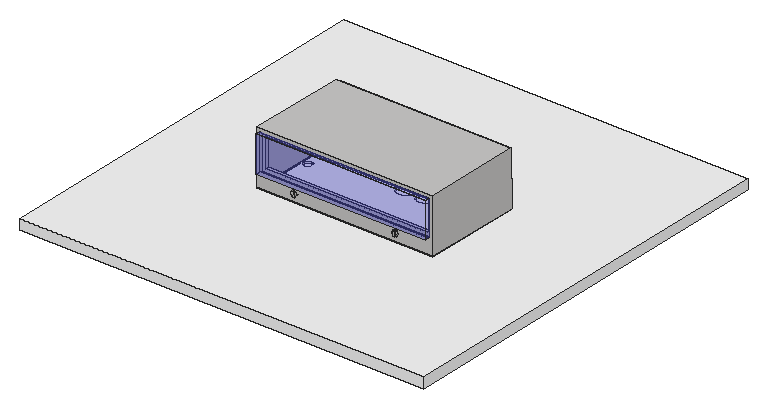
Revit family "BE_23015.2_de_DE", category Leuchten, Revit 2015
Parameters (values of type "BEGA_23015.2_K4")
  built-in parameter 1150104 = 8.5387 (stored number, unit not read)
  Wattage = 13.6 W
  Default Elevation = 0 mm
  built-in parameter 1150113 = 1 (stored number, unit not read)
  built-in parameter 1114218 = 1 (stored number, unit not read)
  Umgebungstemperatur = "25 °C"
  URL = "http://www.bega.de/produkt/23015.2"
  Typenkommentare = "© 2017 BEGA. Wir behalten uns das Recht vor, technische Änderungen ohne vorherige Ankündigung vorzunehmen."  # constant formula
  built-in parameter 1150134 = 12
  built-in parameter 1150109 = 1 (stored number, unit not read)
  Strom = ""
  built-in parameter 1150110 = 1 (stored number, unit not read)
  Spannung = 239.996 V
  Sonderanfertigung = no
  Seriennummer [instance] = "Hier können Sie die eindeutige Seriennummer für das Facility Management eintragen."
  Schutzklasse = "I"
  Schutzart = "IP 20"
  Scheinlast = 0 VA
  Produktdatenblatt = "http://www.bega.de/download/Xrfa/db/23015.2.db.de.pdf"
  Oberflächentemperatur = ""
  Neigungswinkel = 0.00°
  Modell = "23015.2K4"
  Material_17 = BEGA_Reflektor
  Material_15 = BEGA_Leuchtmedium_matt
  Material_11 = BEGA_Glas_opal
  Material_09 = BEGA_Glas_klar
  Material_08 = BEGA_Oberfläche_Stahl_verzinkt
  Material_06 = BEGA_Oberfläche_Edelstahl_gebürstet
  Material_05 = BEGA_Oberfläche_Aluminium Guss
  Material_03 = BEGA_Oberfläche_Weiss_matt
  Material_02 = BEGA_Oberfläche_Silber_matt
  Material_01 [instance] = BEGA_Oberfläche_Grafit_matt
  M_W = no
  M_G = no
  M_A = no
  Logo = 0
  built-in parameter 1114217 = 1 (stored number, unit not read)
  built-in parameter 1150139 = (empty or 0)
  built-in parameter 1150105 = 99.47 (stored number, unit not read)
  built-in parameter 1150114 = 1 (stored number, unit not read)
  Lumens = 1249.98 lm
  built-in parameter 1150115 = 1 (stored number, unit not read)
  Leuchtenlichtstrom = "554 lm"
  Leuchtenanzahl = ""
  Lebensdauerkriterien = "L70B50 @ 25 °C = 60000 h"
  Lastklassifizierung = Beleuchtung
  built-in parameter 1150112 = 1 (stored number, unit not read)
  Lampenlichtstrom = "1250 lm"
  Lampe = "LED 13.6 W"
  LED_Modulbezeichnung = "2x LED-0252/840"
  Hersteller = "BEGA"  # constant formula
  Halbstreuwinkel = ""
  Gewicht = "1.3 kg"
  Gebrauchslageneinschränkung [instance] = ""
  Frequenz = "0/50-60 Hz"
  Farbwiedergabeindex = "Ra > 80"
  Farbtemperaturverschiebung bei Dämpfen der Lampe = <Keine Auswahl>
  Farbtemperatur = "4000 K"
  Color Filter = 16777215
  built-in parameter 1150133 = 10 (stored number, unit not read)
  Energieeffizienzklasse = "LED A++ - A"
  built-in parameter 1150137 = (empty or 0)
  built-in parameter 1150132 = (empty or 0)
  ENEC = ""
  Dimmbar [instance] = ""
  Datei für fotometrisches Netz = "BE_23015K4.IES"
  CE_Konformität = "ja"
  Bestellnummer = "23015.2K4"
  Beschreibung_Sonderanfertigung = "Hier können Sie Informationen zur Sonderanfertigung eintragen."
  Beschreibung = "Wandleuchte"
  built-in parameter 1150106 = 0.9947 (stored number, unit not read)
  Befestigungsbohrung = ""
  Befestigungsabstand = "150 mm"
  Ballwurfsicher = ""
  BEGA_Intern_aus = yes
  BEGA_Intern_an = yes
  BEGA_Intern_Konstruktion = yes
  BEGA_Intern = yes
  BEGA_IES = yes
  BEGA_Dummy = no
  Anschlussleitung = ""
  Anschlussleistung [instance] = "17 W"
  Anschlusskasten = ""
  built-in parameter 1150107 = 4000 (stored number, unit not read)
  built-in parameter 1150102 = (empty or 0)
  built-in parameter 1150138 = (empty or 0)
  Aktualisierung = "2017-06-22T04:08:41"
  Abstand_zur_angestrahlten_Fläche [instance] = ""
  AC/DC = "AC/DC"
Types (2, lengths in mm): name | built-in parameter 1150104 | built-in parameter 1150134 | Modell | built-in parameter 1150105 | Lumens | Leuchtenlichtstrom | Lampenlichtstrom | LED_Modulbezeichnung | Farbtemperatur | Datei für fotometrisches Netz | Bestellnummer | built-in parameter 1150106 | built-in parameter 1150107
  BEGA_23015.2_K4 | 8.5387 (stored number, unit not read) | 12 | "23015.2K4" | 99.47 (stored number, unit not read) | 1249.98 lm | "554 lm" | "1250 lm" | "2x LED-0252/840" | "4000 K" | "BE_23015K4.IES" | "23015.2K4" | 0.9947 (stored number, unit not read) | 4000 (stored number, unit not read)
  BEGA_23015.2_K3 | 7.3765 (stored number, unit not read) | (empty or 0) | "23015.2" | 85.931 (stored number, unit not read) | 1079.84 lm | "479 lm" | "1080 lm" | "2x LED-0252/830" | "3000 K" | "BE_23015.IES" | "23015.2" | 0.85931 (stored number, unit not read) | 3000 (stored number, unit not read)
Reference planes
  plane 1 "Mitte (Vorne/Hinten)": y = 0
  plane 2: z = 0
  plane 3 "Mitte (Links/Rechts)": x = 0
  plane 4 "Links": x = -87.491
  plane 5 "Rechts": x = 87.491
  plane 6 "Unten": y = -53.25
  plane 7 "Oben": y = 53.25
  plane 8 "Vorne": z = 54
  plane 9 "Hinten": z = 0
Forms (mm)
  Extrusion 1, solid, material "BEGA_Platte_Weiss"
    sketch origin (0, -1119.2, 0) x (1, 0, 0) y (0, 1, 0)
      loop
        line (-200, 1319.2) -> (-200, 919.2) -> (200, 919.2) -> (200, 1319.2) -> (-200, 1319.2)
    from 0 to -10
  Extrusion 2, solid, material "BEGA_Dummy_matt", visible <- "BEGA_Dummy"
    sketch origin (80.095, -76.023, 0) x (1, 0, 0) y (0, 1, 0)
      loop
        line (-167.587, 129.273) -> (-167.587, 22.773) -> (7.396, 22.773) -> (7.396, 129.273) -> (-167.587, 129.273)
    from 0 to 54
Dimensions and locks
  plane 1 "Mitte (Vorne/Hinten)" to Extrusion 1 = 200 mm
  aligned and locked: plane 2 to Extrusion 1
  aligned and locked: level to Extrusion 1
Nested families
  nested 1: "BE_23015.2" at (0, 0, 0), type "BE_23015.2"
Connectors
  electrical at (0, 0, 0), driven by "Lastklassifizierung", driven by "Spannung", driven by "Scheinlast"
    settings: index 1, voltage 239.996 V, apparent load 0 VA, apparent load phase1 0 VA, apparent load phase2 0 VA, apparent load phase3 0 VA, power factor 1, load classification "Beleuchtung", number of poles 1, system type 31, power factor state 1, is connector primary yes, connector utility no, sub classification motor no, connector description ""
Definition of nested family "BE_23015.2"
  Parameters (values of type "BE_23015.2")
    Default Elevation = 1 mm
    URL = "http://www.bega.de/de/produkt"
    Type Comments = "© 2015 BEGA. Wir behalten uns das Recht vor, technische Änderungen ohne vorherige Ankündigung vorzunehmen. "  # constant formula
    Type Image = (empty or 0)
    Neigungswinkel_um_Z2 = 0.00°
    Neigungswinkel_um_Z1 = 0.00°
    Neigungswinkel_um_Y2 = 0.00°
    Neigungswinkel_um_Y1 = 0.00°
    Neigungswinkel_um_X2 = 0.00°
    Neigungswinkel_um_X1 = 0.00°
    Material_17 = none
    Material_15 = none
    Material_11 = none
    Material_09 = none
    Material_08 = none
    Material_06 = none
    Material_05 = none
    Material_03 = none
    Material_02 = none
    Material_01 = none
    M_W = yes
    M_G = yes
    M_A = yes
    Länge_Platte = 300 mm  # constant formula
    Höhe_Platte = -10 mm  # constant formula
    Manufacturer = "BEGA"  # constant formula
    Drehwinkel_um_Z2 = 0.00°
    Drehwinkel_um_Z1 = 0.00°
    Breite_Platte = 200 mm  # constant formula
  Reference planes
    plane 1 "Mitte (Oben/Unten)": y = 0
    plane 2: z = 0
    plane 3 "Mitte (Links/Rechts)": x = 0
    plane 4: z = 54
    plane 5: y = 53.25
    plane 6: y = -53.25
    plane 7: x = -87.491
    plane 8: x = 87.491
  Forms (mm)
    Extrusion 1, solid, detail levels medium
      sketch origin (0, 0, 0) x (1, 0, 0) y (0, 1, 0)
        loop
          line (-150, 100) -> (-150, -100) -> (150, -100) -> (150, 100) -> (-150, 100)
      from 0 to -10 <- "Höhe_Platte"
    Extrusion 2, solid, material <- "Material_06", detail levels medium+fine
      sketch origin (0, 0, 0) x (0, 1, 0) y (0, 0, 1)
        loop
          line (48.25, 1) -> (48.25, 54) -> (-48.25, 54) -> (-48.25, 1) -> (-45.835, 1) -> (-45.835, 52) -> (45.835, 52) -> (45.835, 1) -> (48.25, 1)
      from -88.265 to 88.776
    Extrusion 3, solid, material <- "Material_06", detail levels medium+fine
      sketch origin (0, 0, 0) x (1, 0, 0) y (0, 0, 1)
        loop
          line (-88.265, 54) -> (-88.265, 1) -> (-84.981, 1) -> (-84.981, 54) -> (-88.265, 54)
        loop
          line (88.776, 54) -> (85.662, 54) -> (85.662, 1) -> (88.776, 1) -> (88.776, 54)
      from -48.25 to 48.25
    Extrusion 4, void
      sketch origin (0, 0, 0) x (1, 0, 0) y (0, 0, 1)
        loop
          line (-87.499, 0.549) -> (-86.557, 54.543) -> (-89.287, 54.543) -> (-89.287, 0.549) -> (-87.499, 0.549)
        loop
          line (87.516, 0.549) -> (90.348, 0.549) -> (90.348, 54.543) -> (86.574, 54.543) -> (87.516, 0.549)
      from -49.824 to 51.45
    Sweep 5, solid, material <- "Material_03", detail levels medium+fine
      path origin (0, 0, 0) x (1, 0, 0) y (0, 1, 0)
        loop
          line (87.509, 48.25) -> (-87.5, 48.25) -> (-87.5, -48.25) -> (87.509, -48.25) -> (87.509, 48.25)
      profile origin (0.004, 48.25, 0) x (0, -1, 0) y (0, 0, 1)
        loop
          line (0.5, 0) -> (4.017, 0)
          arc (4.017, 0) -> (5.077, 0.439) -> (5.517, 1.5) r 1.5
          line (5.517, 1.5) -> (5.517, 2.5)
          arc (5.517, 2.5) -> (5.663, 2.854) -> (6.017, 3) r 0.5
          line (6.017, 3) -> (42.243, 3) -> (42.243, 4) -> (6.017, 4)
          arc (6.017, 4) -> (4.956, 3.561) -> (4.517, 2.5) r 1.5
          line (4.517, 2.5) -> (4.517, 1.5)
          arc (4.517, 1.5) -> (4.37, 1.146) -> (4.017, 1) r 0.5
          line (4.017, 1) -> (0.5, 1) -> (0.5, 0)
    Extrusion 6, solid, material <- "Material_03", detail levels medium+fine
      sketch origin (0, 0, 0) x (0, 1, 0) y (0, 0, 1)
        loop
          line (6.007, 4) -> (-6.007, 4) -> (-6.007, 3) -> (6.007, 3) -> (6.007, 4)
      from -45.466 to 45.466
    Extrusion 7, void
      sketch origin (0, 0, 0) x (1, 0, 0) y (0, 1, 0)
        loop
          circle (30, 15) r 8.5
        loop
          circle (-75, 0) r 4.25
        loop
          circle (10, 15) r 8.5
        loop
          circle (75, 0) r 4.25
      from 0 to 8
    Extrusion 8, solid, material <- "Material_06", detail levels medium+fine
      sketch origin (0, 0, 0) x (0, 1, 0) y (0, 0, 1)
        loop
          line (45.835, 52) -> (42.76, 52) -> (42.76, 13.991) -> (45.835, 13.991) -> (45.835, 52)
        loop
          line (-45.835, 52) -> (-45.835, 13.991) -> (-42.76, 13.991) -> (-42.76, 52) -> (-45.835, 52)
      from -84.378 to 84.841
    Extrusion 9, void
      sketch origin (0, 0, 0) x (0, 1, 0) y (0, 0, 1)
        loop
          line (49.5, 48.03) -> (-49.715, 48.03) -> (-49.715, 18.623) -> (49.5, 18.623) -> (49.5, 48.03)
      from -80.277 to 80.984
    Extrusion 10, void
      sketch origin (0, 0, 0) x (0, 1, 0) y (0, 0, 1)
        loop
          line (45.835, 51.347) -> (45.835, 15.347) -> (49.744, 15.347) -> (49.744, 51.347) -> (45.835, 51.347)
        loop
          line (-45.835, 51.347) -> (-49.744, 51.347) -> (-49.744, 15.347) -> (-45.835, 15.347) -> (-45.835, 51.347)
      from -83.844 to 84.146
    Extrusion 11, solid, material <- "Material_11", detail levels medium+fine
      sketch origin (0, 0, 0) x (0, -1, 0) y (0, 0, -1)
        loop
          line (53.25, -15.347) -> (45.25, -15.347) -> (45.25, -51.347) -> (53.25, -51.347) -> (53.25, -15.347)
      from -83.844 to 84.146
    Revolve 12, void
      sketch origin (-49.991, 0, 0) x (0, 1, 0) y (0, 0, 1)
        loop
          line (-46.138, 10.5) -> (-47.677, 10.5) -> (-48.584, 11.407) -> (-48.584, 8) -> (-46.138, 8) -> (-46.138, 10.5)
        axis (-46.138, 8) -> (-48.584, 8)
      angle from 0 to 360
    Revolve 13, solid, material <- "Material_06", detail levels fine
      sketch origin (-49.991, 0, 0) x (0, 1, 0) y (0, 0, 1)
        loop
          line (-49.45, 10) -> (-49.45, 8) -> (-46.138, 8) -> (-46.138, 10.5) -> (-47.633, 10.5) -> (-48.25, 10) -> (-49.45, 10)
        axis (-46.138, 8) -> (-49.45, 8)
      angle from 0 to 360
    Extrusion 14, solid, material <- "Material_11", detail levels medium+fine
      sketch origin (0, 0, 0) x (0, 1, 0) y (0, 0, 1)
        loop
          line (53.25, 15.347) -> (53.25, 51.347) -> (45.25, 51.347) -> (45.25, 15.347) -> (53.25, 15.347)
      from -83.844 to 84.146
    Revolve 15, void
      sketch origin (49.991, 0, 0) x (0, 1, 0) y (0, 0, -1)
        loop
          line (-46.138, -10.5) -> (-46.138, -8) -> (-48.584, -8) -> (-48.584, -11.407) -> (-47.677, -10.5) -> (-46.138, -10.5)
        axis (-46.138, -8) -> (-48.584, -8)
      angle from 0 to 360
    Revolve 16, solid, material <- "Material_06", detail levels fine
      sketch origin (49.991, 0, 0) x (0, 1, 0) y (0, 0, -1)
        loop
          line (-49.45, -10) -> (-48.25, -10) -> (-47.633, -10.5) -> (-46.138, -10.5) -> (-46.138, -8) -> (-49.45, -8) -> (-49.45, -10)
        axis (-46.138, -8) -> (-49.45, -8)
      angle from 0 to 360
  Cuts and joins
    Extrusion 4, Extrusion 9, Extrusion 10, Revolve 12, Revolve 15 cuts Extrusion 2
    Extrusion 4, Extrusion 9, Extrusion 10, Revolve 12, Revolve 15 cuts Extrusion 3
    Extrusion 9, Extrusion 10, Revolve 12, Revolve 15 cuts Extrusion 8
    joined: Extrusion 2, Extrusion 3, Extrusion 8
    Extrusion 7 cuts Sweep 5
    Extrusion 7 cuts Extrusion 6
    joined: Sweep 5, Extrusion 6
  Dimensions and locks
    equal spacing: Extrusion 1 sketch curve, plane 3 "Mitte (Links/Rechts)", Extrusion 1 sketch curve
    equal spacing: Extrusion 1 sketch curve, plane 1 "Mitte (Oben/Unten)", Extrusion 1 sketch curve
    "Länge_Platte": Extrusion 1 sketch curve to Extrusion 1 sketch curve
    "Breite_Platte": Extrusion 1 sketch curve to Extrusion 1 sketch curve
    aligned and locked: Extrusion 1 to plane 2
    aligned and locked: level to Extrusion 1
  Automatic sketch dimensions
    plane 4 to Extrusion 2 sketch curve = 0 mm
    level to Extrusion 2 sketch curve = 1 mm  (x2)
    plane 6 to Extrusion 2 sketch curve = 5 mm
    Extrusion 2 sketch curve to Extrusion 2 sketch curve = 2.415 mm  (x2)
    plane 5 to Extrusion 2 sketch curve = 7.415 mm
    plane 4 to Extrusion 2 sketch curve = 2 mm
    Extrusion 3 sketch curve to plane 4 = 0 mm  (x2)
    level to Extrusion 3 sketch curve = 1 mm  (x2)
    Extrusion 3 sketch curve to Extrusion 3 sketch curve = 3.284 mm
    Extrusion 3 sketch curve to Extrusion 3 sketch curve = 3.114 mm
    Extrusion 4 sketch curve to plane 4 = 0.543 mm  (x2)
    level to Extrusion 4 sketch curve = 0.549 mm  (x2)
    Extrusion 4 sketch curve to Extrusion 4 sketch curve = 1.788 mm
    Extrusion 4 sketch curve to Extrusion 4 sketch curve = 2.73 mm
    Extrusion 4 sketch curve to Extrusion 4 sketch curve = 2.831 mm
    plane 5 to Sweep 5 sketch curve = 5 mm
    plane 6 to Sweep 5 sketch curve = 5 mm
    Sweep 5 sketch curve to Sweep 5 sketch curve = 0 mm  (x4)
    Sweep 5 sketch curve to level = 0 mm
    Sweep 5 sketch curve to profile plane = 0.5 mm
    level to Sweep 5 sketch curve = 1 mm
    Sweep 5 sketch curve to Sweep 5 sketch curve = 3.517 mm
    Sweep 5 sketch curve to Sweep 5 sketch curve = 0.5 mm  (x2)
    level to Sweep 5 sketch curve = 4 mm
    Sweep 5 sketch curve to Sweep 5 sketch curve = 36.226 mm
    plane 1 "Mitte (Oben/Unten)" to Extrusion 6 sketch curve = 6.007 mm
    level to Extrusion 6 sketch curve = 3 mm
    Extrusion 6 sketch curve to plane 1 "Mitte (Oben/Unten)" = 6.007 mm
    Extrusion 6 sketch curve to Extrusion 6 sketch curve = 1 mm
    plane 1 "Mitte (Oben/Unten)" to Extrusion 7 sketch curve = 0 mm  (x2)
    plane 3 "Mitte (Links/Rechts)" to Extrusion 7 sketch curve = 10 mm
    Extrusion 7 sketch curve to plane 1 "Mitte (Oben/Unten)" = 15 mm  (x2)
    plane 6 to Extrusion 8 sketch curve = 7.415 mm
    Extrusion 8 sketch curve to Extrusion 8 sketch curve = 3.075 mm  (x2)
    plane 4 to Extrusion 8 sketch curve = 2 mm  (x2)
    plane 5 to Extrusion 8 sketch curve = 10.49 mm
    level to Extrusion 8 sketch curve = 13.991 mm  (x2)
    plane 6 to Extrusion 9 sketch curve = 3.535 mm
    plane 5 to Extrusion 9 sketch curve = 3.75 mm
    level to Extrusion 9 sketch curve = 18.623 mm
    plane 4 to Extrusion 9 sketch curve = 5.97 mm
    plane 6 to Extrusion 10 sketch curve = 3.506 mm
    Extrusion 10 sketch curve to Extrusion 10 sketch curve = 3.91 mm
    plane 5 to Extrusion 10 sketch curve = 7.415 mm
    plane 5 to Extrusion 10 sketch curve = 3.506 mm
    level to Extrusion 10 sketch curve = 15.347 mm  (x2)
    plane 4 to Extrusion 10 sketch curve = 2.653 mm  (x2)
    Extrusion 11 sketch curve to plane 6 = 0 mm
    Extrusion 11 sketch curve to plane 4 = 2.653 mm
    Extrusion 11 sketch curve to plane 6 = 8 mm
    Extrusion 11 sketch curve to level = 15.347 mm
    plane 6 to Revolve 12 sketch curve = 4.666 mm
    Revolve 12 sketch curve to Revolve 12 sketch curve = 0.907 mm  (x2)
    Revolve 12 sketch curve to Revolve 12 sketch curve = 2.445 mm
    level to Revolve 12 sketch curve = 8 mm
    Revolve 12 sketch curve to Revolve 12 sketch curve = 2.5 mm
    Revolve 12 sketch curve to Revolve 12 sketch curve = 0 mm  (x3)
    plane 6 to Revolve 13 sketch curve = 3.8 mm
    Revolve 13 sketch curve to Revolve 13 sketch curve = 1.2 mm
    Revolve 13 sketch curve to Revolve 13 sketch curve = 0.617 mm
    Revolve 13 sketch curve to Revolve 13 sketch curve = 1.494 mm
    level to Revolve 13 sketch curve = 8 mm
    Revolve 13 sketch curve to Revolve 13 sketch curve = 2 mm
    Revolve 13 sketch curve to Revolve 13 sketch curve = 0.5 mm
    Revolve 13 sketch curve to Revolve 13 sketch curve = 0 mm  (x3)
    Extrusion 14 sketch curve to plane 5 = 0 mm
    plane 4 to Extrusion 14 sketch curve = 2.653 mm
    Extrusion 14 sketch curve to Extrusion 14 sketch curve = 8 mm
    level to Extrusion 14 sketch curve = 15.347 mm
    plane 6 to Revolve 15 sketch curve = 4.666 mm
    Revolve 15 sketch curve to Revolve 15 sketch curve = 0.907 mm  (x2)
    Revolve 15 sketch curve to Revolve 15 sketch curve = 2.445 mm
    level to Revolve 15 sketch curve = 11.407 mm
    Revolve 15 sketch curve to Revolve 15 sketch curve = 2.5 mm
    Revolve 15 sketch curve to Revolve 15 sketch curve = 0 mm  (x3)
    plane 6 to Revolve 16 sketch curve = 3.8 mm
    Revolve 16 sketch curve to Revolve 16 sketch curve = 1.2 mm
    Revolve 16 sketch curve to Revolve 16 sketch curve = 0.617 mm
    Revolve 16 sketch curve to Revolve 16 sketch curve = 1.494 mm
    level to Revolve 16 sketch curve = 10.5 mm
    Revolve 16 sketch curve to Revolve 16 sketch curve = 0.5 mm
    Revolve 16 sketch curve to Revolve 16 sketch curve = 2.5 mm
    Revolve 16 sketch curve to Revolve 16 sketch curve = 0 mm  (x3)
    plane 3 "Mitte (Links/Rechts)" to Extrusion 3 sketch curve = 85.662 mm
    plane 3 "Mitte (Links/Rechts)" to Extrusion 4 sketch curve = 86.574 mm
    Extrusion 4 sketch curve to Extrusion 4 sketch curve = 0.942 mm
    plane 3 "Mitte (Links/Rechts)" to Sweep 5 sketch curve = 87.509 mm
    Extrusion 7 sketch curve to Extrusion 7 sketch curve = 20 mm
    Extrusion 7 sketch curve to Extrusion 7 sketch curve = 45 mm
    Extrusion 3 sketch curve to plane 3 "Mitte (Links/Rechts)" = 84.981 mm
    Extrusion 4 sketch curve to plane 3 "Mitte (Links/Rechts)" = 86.557 mm
    Sweep 5 sketch curve to plane 3 "Mitte (Links/Rechts)" = 87.5 mm
    Extrusion 7 sketch curve to plane 3 "Mitte (Links/Rechts)" = 75 mm
    radius of Extrusion 7 sketch curve = 8.5 mm  (x2)
    radius of Extrusion 7 sketch curve = 4.25 mm  (x2)
